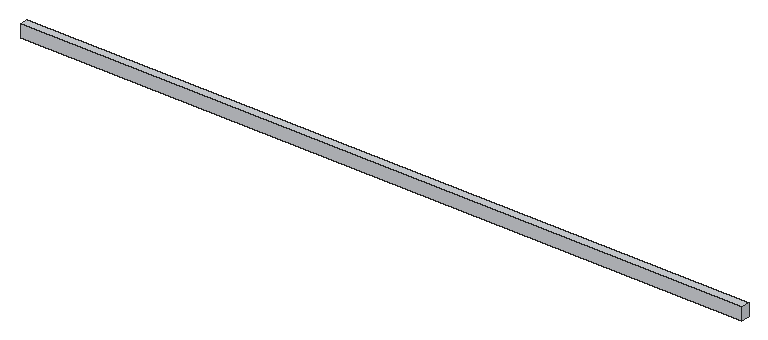
Revit family "QUADRATE NEON FLEX 1312_NDFX35_UU.1_N.1", category Luminarias, Revit 2019
Family settings
  Cota de conector redondo = Diámetro de uso
  Tipo de pieza = Normal
  Se basa en plano de trabajo = Sí
  Siempre vertical = No
  Corte con vacíos al cargar = No
  Origen de luz = Sí
  Compartido = No
  Punto de cálculo de habitación = No
Parameters (values of type "QUADRATENEON FLEX 1312_NDFX35.UU.1")
  Zone [instance] = ""
  Watt per fixture [instance] = (Longitud / 1000 mm) * (10.6)  # 10.6
  Wattage = 10.6 W
  built-in parameter 1150107 = 2300 (stored number, unit not read)
  Tapa Final NDFX35.1 [instance] = (Longitud / 1000 mm) * (1)  # 1
  Light Source Symbol Size = 609.6 mm
  built-in parameter 1150110 = 1 (stored number, unit not read)
  built-in parameter 1150109 = 1 (stored number, unit not read)
  built-in parameter 1150112 = 1 (stored number, unit not read)
  built-in parameter 1150113 = 1 (stored number, unit not read)
  built-in parameter 1114218 = 1 (stored number, unit not read)
  built-in parameter 1150137 = (empty or 0)
  built-in parameter 1150132 = (empty or 0)
  Modelo Lampara = "2835 SMD"
  Modelo = "NDFX35.UU.1"
  Marca = "BRILLANT"
  Longitud de línea de emisión = 600 mm
  Longitud [instance] = 1000 mm
  built-in parameter 1150105 = 219.32 (stored number, unit not read)
  built-in parameter 1150102 = (empty or 0)
  built-in parameter 1150106 = 2.1932 (stored number, unit not read)
  Lumens = 689 lm
  Color Filter = 16777215
  built-in parameter 1114217 = 1 (stored number, unit not read)
  built-in parameter 1150139 = (empty or 0)
  Fabricante = "BRILLANT"
  Default Elevation = 0 mm
  built-in parameter 1150104 = 6.0387 (stored number, unit not read)
  Descripción = "MANGUERA LUMINOSA QUADRATE NEON FLEX DE PLASTICO FLEXIBLE CON UNA POTENCIA DE 10.6W/M, USO PARA EXTERIORES IP67, IRC 80, IK 08, TEMPERATURA EN BLANCO ULTRA CALIDO 2300K, 640 LUMENES/M, PRESENTACION DE 5-10M, CORTE 5CM, ALIMENTADO A 24V, REQUIERE ACCESORIOS."
  built-in parameter 1150115 = 1 (stored number, unit not read)
  built-in parameter 1150114 = 1 (stored number, unit not read)
  Costo USD_NDFX35 [instance] = (Longitud / 1000 mm) * (29)  # 29
  Comentarios de vataje = "24"
  built-in parameter 1150138 = (empty or 0)
  built-in parameter 1150134 = (empty or 0)
  Clip de Sujecion XCA1312.2 [instance] = (Longitud / 1000 mm) * (5)  # 5
  Circuit [instance] = ""
  Dimming Lamp Color Temperature Shift = (empty or 0)
  built-in parameter 1150133 = 10 (stored number, unit not read)
Reference planes
  plane 1 "Centro (Frontal/Posterior)": y = 0
  plane 2: z = 0
  plane 3 "Centro (Izquierda/Derecha)": x = 0
  plane 4 "IZQ": x = -1000
  plane 5: x = 0
  plane 6: z = 17
Forms (mm)
  Extrusion 1, solid
    sketch origin (0, 0, 0) x (1, 0, 0) y (0, 1, 0)
      loop
        line (-1000, 6) -> (-1000, -6) -> (0, -6) -> (0, 6) -> (-1000, 6)
    from 0 to 17
Dimensions and locks
  plane 6 to imposter light = 17 mm
  "Longitud": plane 4 "IZQ" to plane 3 "Centro (Izquierda/Derecha)"
  aligned and locked: level to plane 2
  aligned and locked: Extrusion 1 to plane 5
  aligned and locked: plane 6 to Extrusion 1
  aligned and locked: plane 3 "Centro (Izquierda/Derecha)" to Extrusion 1
Automatic sketch dimensions
  Extrusion 1 sketch curve to plane 4 "IZQ" = 0 mm
  Extrusion 1 sketch curve to plane 3 "Centro (Izquierda/Derecha)" = 0 mm
  plane 1 "Centro (Frontal/Posterior)" to Extrusion 1 sketch curve = 6 mm
  Extrusion 1 sketch curve to plane 1 "Centro (Frontal/Posterior)" = 6 mm
Connectors
  electrical at (0, 0, 8.5)
    settings: on Extrusion 1, index 1, voltage 24 V, apparent load 0 VA, apparent load phase1 0 VA, apparent load phase2 0 VA, apparent load phase3 0 VA, power factor 1, load classification "Otro", number of poles 1, system type 31, power factor state 1, is connector primary yes, connector utility no, sub classification motor no, connector description ""
